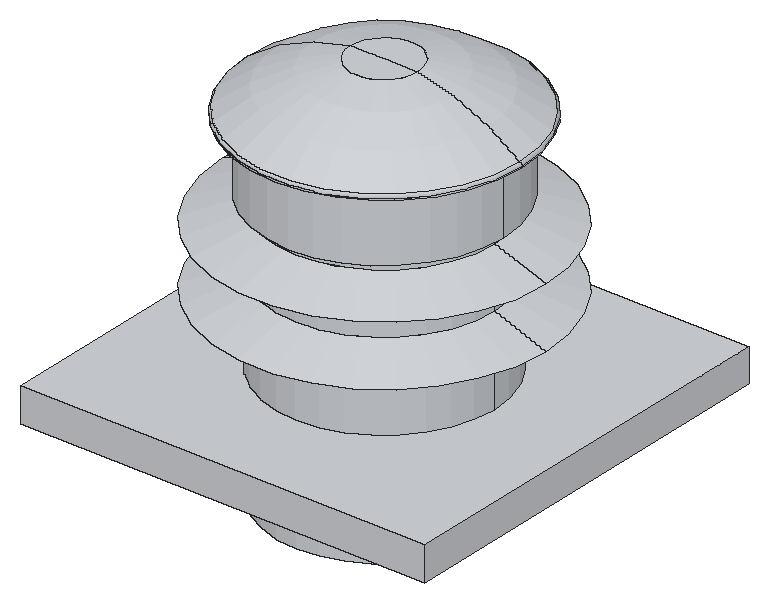
Revit family "PVVEX510-300", category Generic Models, host Face, Revit 2019
Family settings
  Host = Face
  Can host rebar = No
  Round Connector Dimension = Use Diameter
  Part Type = Normal
  Cut with Voids When Loaded = No
  Shared = No
  Room Calculation Point = No
Parameters
  Default Elevation = 48.00"
Reference planes (in)
  plane 1 "Center (Front/Back)": y = 0
  plane 2: z = 0
  plane 3 "Center (Left/Right)": x = 0
Forms (in)
  Extrusion 1, solid
    sketch origin (-69.20125, 31.17385, 0) x (1, 0, 0) y (0, 1, 0)
      loop
        line (57.20125, -19.17385) -> (57.20125, -43.17385) -> (81.20125, -43.17385) -> (81.20125, -19.17385) -> (57.20125, -19.17385)
    from 0 to 2
  Revolve 2, solid
    sketch origin (-36.63505, 0, 7.08328) x (1, 0, 0) y (0, 0, 1)
      loop
        arc (34.63523, 11.26667) -> (31.4323, 10.32531) -> (28.57886, 8.59245) r 12.88076
        arc (28.57886, 8.59245) -> (28.50985, 8.50557) -> (28.48523, 8.39738) r 0.25
        line (28.48523, 8.39738) -> (28.48523, 8.32179) -> (29.57027, 8.32179) -> (29.57027, 4.23567) -> (30.06523, 4.23567) -> (30.06523, 3.73567) -> (27.05778, 2.64104) -> (30.06523, 2.64104) -> (30.06523, 0.16172) -> (27.05778, -0.9329) -> (30.10523, -0.9329) -> (30.10523, -5.08328) -> (36.63505, -5.08328) -> (36.63505, 11.26667) -> (34.63523, 11.26667)
      axis (36.63505, -5.08328) -> (36.63505, 11.26667)
    angle from 0 to 360
  Extrusion 3, solid
    sketch origin (-69.20125, 31.17385, 10.26) x (1, 0, 0) y (0, 1, 0)
      loop
        circle (69.20125, -31.17385) r 6.5
    from -15.10375 to -10.26
Lines and regions (in)
  symbolic lines
    curve 1: line (95.99374, 156.28449, 0) -> (97.99374, 156.28449, 0)
Dimensions and locks (in)
  aligned and locked: plane 2 to host face
  aligned and locked: level to host face
Connectors (in)
  hvac at (0, 0, -4.84375)
    settings: on Extrusion 3, index 1, duct flow 0 CFM, flow factor 0, pres drop 0.00 in-wg, loss coef 0, conn angle 0.00°, conn width 12", conn height 12", conn diameter 13", duct sys type 1, conn prof type 0, flow config 0, flow direction 0, loss method 0, conn ref index -1, conn util no, is conn primary yes, conn desc ""
